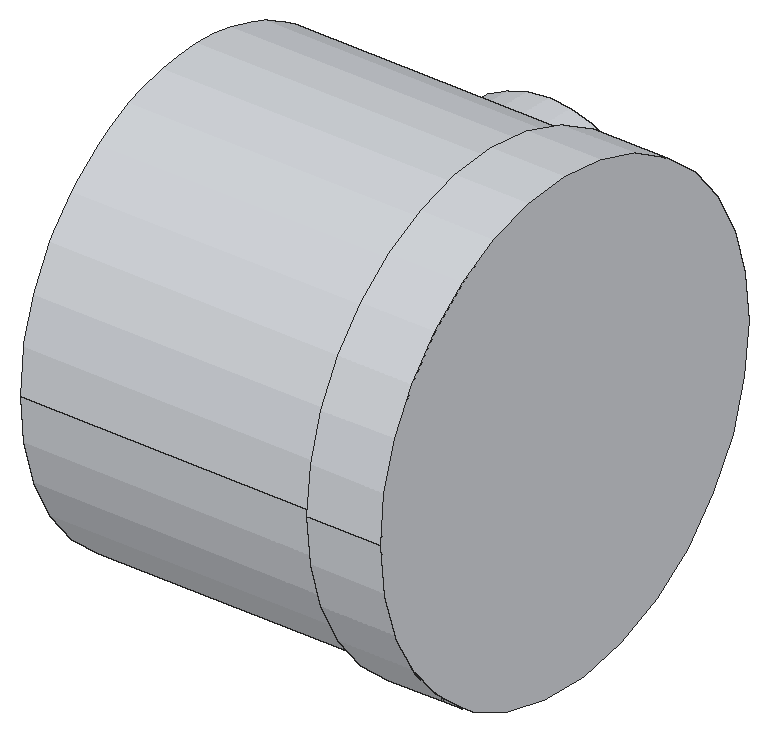
Revit family "058416cc9d8e4d0eae91ade129eef94b", category Duct Fittings, Revit 2021
Family settings
  Round Connector Dimension = Use Radius
  Part Type = Elbow
  OmniClass Number = 23.75.70.14
  OmniClass Title = Air Ductwork
  Seek Item ID = Round Tee with Cap-0000-USA-ENU
  Work Plane-Based = No
  Always vertical = Yes
  Cut with Voids When Loaded = No
  Shared = No
Parameters (values of type "Standard")
  Shoulder Length [instance] = 1"
  Duct Radius 2 [instance] = 3"
  Duct Radius 1 [instance] = 6"
  Duct Length 3 [instance] = 0' 2"  # 2"
  Duct Length 2 [instance] = Duct Radius 1 + Shoulder Length  # 7"
  Duct Length 1 [instance] = Duct Radius 2 + Shoulder Length  # 4"
  Duct Diameter 2 [instance] = Duct Radius 2 * 2  # 6"
  Duct Diameter 1 [instance] = Duct Radius 1 * 2  # 12"
  Default Elevation = 0' - 0"
  Cap Radius [instance] = Duct Radius 1 + 0' 0 1/4"  # 6 1/4"
Reference planes (in)
  plane 1 "Center (Front/Back)": y = 0
  plane 2: z = 0
  plane 3 "Center (Left/Right)": x = 0
  plane 4: y = 7
  plane 5: x = -4
  plane 6: x = 4
  plane 7: x = 6
  plane 8: y = 6.25
  plane 9: y = -6.25
Forms (in)
  Sweep 1, solid, detail levels medium+fine
    path in 3D
      loop
        line (0, 0, 0) -> (0, 7, 0)
    profile origin (0, 3.5, 0) x (-1, 0, 0) y (0, 0, 1)
      loop
        circle (0, 0) r 3
  Sweep 2, solid, detail levels medium+fine
    path in 3D
      loop
        line (-4, 0, 0) -> (4, 0, 0)
    profile origin (0, 0, 0) x (0, 1, 0) y (0, 0, 1)
      loop
        circle (0, 0) r 6
  Sweep 3, solid, detail levels medium+fine
    path in 3D
      loop
        line (4, 0, 0) -> (6, 0, 0)
    profile origin (5, 0, 0) x (0, 1, 0) y (0, 0, 1)
      loop
        circle (0, 0) r 6.25
Cuts and joins
  joined: Sweep 1, Sweep 2, Sweep 3
Lines and regions (in)
  model lines, detail levels coarse
    curve 1: line (-4, 0, 0) -> (4, 0, 0)
    curve 2: line (0, 0, 0) -> (0, 7, 0)
    curve 5: line (4, 0, 0) -> (6, 0, 0)
    curve 8: line (4, 6.25, 0) -> (6, 6.25, 0)
    curve 9: line (6, 6.25, 0) -> (6, -6.25, 0)
    curve 10: line (6, -6.25, 0) -> (4, -6.25, 0)
  sketch lines
    curve 3: line (0, 0, 0) -> (0, 7, 0)
    curve 4: line (-4, 0, 0) -> (4, 0, 0)
    curve 6: line (4, 0, 0) -> (6, 0, 0)
  model lines, not visible
    curve 7: line (4, 0, 0) -> (6, 0, 0)
Dimensions and locks (in)
  "Duct Length 1": plane 5 to plane 3 "Center (Left/Right)"
  "Duct Length 2": plane 4 to plane 1 "Center (Front/Back)"
  "Duct Length 3": plane 6 to plane 7
  "Duct Length 1": plane 3 "Center (Left/Right)" to plane 6
  equal spacing: plane 8, plane 1 "Center (Front/Back)", plane 9
  "Cap Radius": plane 8 to plane 1 "Center (Front/Back)"
  "Duct Radius 2": radius of Sweep 1 sketch curve
  "Duct Radius 1": radius of Sweep 2 sketch curve
  "Cap Radius": radius of Sweep 3 sketch curve
  aligned and locked: plane 1 "Center (Front/Back)" to curve 2
  aligned and locked: plane 4 to curve 2
  aligned and locked: plane 5 to curve 1
  aligned and locked: plane 3 "Center (Left/Right)" to Sweep 1 sketch curve
  aligned and locked: plane 2 to Sweep 1 sketch curve
  aligned and locked: plane 1 "Center (Front/Back)" to Sweep 2 sketch curve
  aligned and locked: plane 2 to Sweep 2 sketch curve
  aligned and locked: plane 1 "Center (Front/Back)" to Sweep 3 sketch curve
  aligned and locked: plane 2 to Sweep 3 sketch curve
  aligned and locked: plane 7 to curve 9
  aligned and locked: plane 7 to curve 10
  aligned and locked: plane 6 to curve 10
  aligned and locked: plane 6 to curve 8
  aligned and locked: curve 8 to plane 8
  aligned and locked: plane 9 to curve 10
  aligned and locked: plane 8 to curve 9
Automatic sketch dimensions
  curve 2 to plane 3 "Center (Left/Right)" = 0' - 0"
  curve 1 to plane 6 = 0' - 0"
Connectors (in)
  hvac at (-4, 0, 0), driven by "Duct Radius 1"
    settings: on Sweep 2, index 1, duct flow 0 CFM, flow factor 0, pres drop 0.00 in-wg, loss coef 0, conn angle 0.00°, conn width 12", conn height 12", conn diameter 12", duct sys type 28, conn prof type 0, flow config 0, flow direction 0, loss method 0, conn ref index 2, conn util no, is conn primary yes, conn desc ""
  hvac at (0, 7, 0), driven by "Duct Radius 2"
    settings: on Sweep 1, index 2, duct flow 0 CFM, flow factor 0, pres drop 0.00 in-wg, loss coef 0, conn angle 0.00°, conn width 12", conn height 12", conn diameter 6", duct sys type 28, conn prof type 0, flow config 0, flow direction 0, loss method 0, conn ref index 1, conn util no, is conn primary no, conn desc ""
